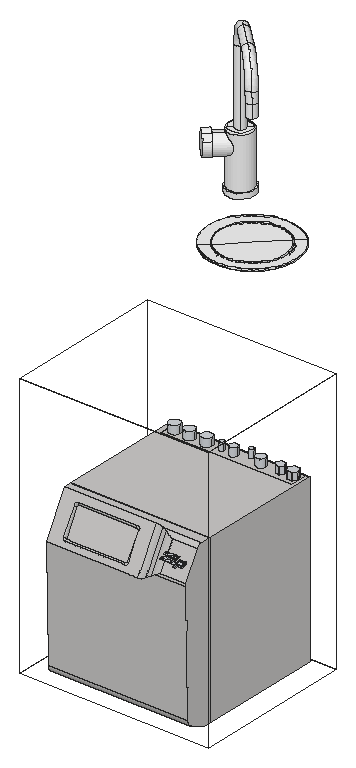
Revit family "PlumFixt_Zip Australia_Design Cube_B", category Plumbing Fixtures, Revit 2015
Parameters (values of type "Bright Chrome")
  Waste Outlet Void = if(Font, -200 mm, 50 mm)  # -200 mm
  Waste Connection = yes
  UnderBench Top Offset [instance] = 800 mm
  UnderBench Left & Right Offset [instance] = 0 mm
  UnderBench Front & Back Offset [instance] = 0 mm
  URL = "https://www.zipwater.com"
  Type Comments = "HydroTap Cube B - Bright Chrome"
  Tap Rotation [instance] = 45.00°
  Tap = z_PlumFixt_Zip Australia_Cube : Bright Chrome
  Required Space = yes
  Offset Right [instance] = if(UnderBench Left & Right Offset > 0 mm, UnderBench Left & Right Offset, 0 mm)  # 0 mm
  Offset Left [instance] = if(UnderBench Left & Right Offset < 0 mm, abs(UnderBench Left & Right Offset), 0 mm)  # 0 mm
  Offset Forward [instance] = if(UnderBench Front & Back Offset > 0 mm, UnderBench Front & Back Offset, 0 mm)  # 0 mm
  Offset Back [instance] = if(UnderBench Front & Back Offset < 0 mm, abs(UnderBench Front & Back Offset), 0 mm)  # 0 mm
  ModifiedIssue_ANZRS = 20171207
  Model = "HT3786 - Bright Chrome"
  Manufacturer_URL__Product Specific = "https://www.zipwater.com/shop/hydrotap/zip-hydrotap-cube-b-ht3786"
  Manufacturer_Spec Code = "HT3786"
  Manufacturer_Overall Width = 280 mm  # constant formula
  Manufacturer_Overall Height = 333 mm  # constant formula
  Manufacturer_Overall Depth = 313 mm  # constant formula
  Manufacturer_Height From FFL [instance] = 900 mm
  Manufacturer = "Zip Australia"  # constant formula
  Font = yes
  Filter Material = z_Zip_Stainless Steel
  Connection Materials = none
  CW Connection = no
  Description = "Zip HydroTap Design Range Boiling, Filtered water appliance featuring a single under bench command centre including full colour interactive touch screen display with pin code protection, boiling water safety mode, 2 energy saving modes including sensor activated sleep when its dark and 0.2 micron water filtration."  # constant formula
  CreatedBy_ANZRS = "UNIFI Labs"  # constant formula
  CreatedByURL_ANZRS = "http://www.unifilabs.com/"
Reference planes
  plane 1 "Ref. Level": z = 0
  plane 2 "Center (Left/Right)": x = 1
  plane 3 "UnderBench Bottom": z = 100
  plane 4 "UnderBench Top": z = 433
  plane 5 "Placement Back Plane": y = 115.5
  plane 6 "Bottom": z = 900
  plane 7 "Top": z = 1253
  plane 8 "Forward Offset": y = 115.5
  plane 9 "Center (Front/Back)": y = -41
  plane 10 "Front": y = -197.5
  plane 11 "Left": x = -139
  plane 12 "Placement Plane Centre Left/Right": x = 1
  plane 13 "Right": x = 141
  plane 14 "Back": y = 115.5
  plane 15 "Centre Plane": x = 1
Forms (mm)
  Extrusion 1, void
    sketch origin (1, 115.5, 900) x (0.707107, -0.707107, 0) y (0.707107, 0.707107, 0)
      loop
        circle (172, 0) r 68.2
    from -200 <- "Waste Outlet Void" to 100
  Extrusion 2, void
    sketch origin (1, 115.5, 900) x (0.707107, -0.707107, 0) y (0.707107, 0.707107, 0)
      loop
        circle (0, 0) r 24
    from -200 to 100
Lines and regions (mm)
  reference lines
    curve 1: line (1, 115.5, 900) -> (244.952, -128.452, 900)
Text (mm)
  text "Disclaimer:\n\nDue to ongoing product development and manufacturing evolution, product details are subject to change without notice.\n\nPlease refer to product technical data sheets on https://www.zipwater.com/ for the most current product information. Please allow a +/- 5mm tolerance for dimensions and set-outs shown in product literature.\n\n© 2018 Zip Water Australia" at (274.835, 107.3, 0), in view "Ref. Level_Instruction"
Dimensions and locks
  "Manufacturer_Height From FFL": plane 6 "Bottom" to plane 1 "Ref. Level"
  plane 7 "Top" to plane 6 "Bottom" = 353 mm
  "UnderBench Top Offset": plane 6 "Bottom" to plane 3 "UnderBench Bottom"
  "Manufacturer_Overall Height": plane 4 "UnderBench Top" to plane 3 "UnderBench Bottom"
  "Manufacturer_Overall Width": plane 11 "Left" to plane 13 "Right"
  equal spacing: plane 14 "Back", plane 9 "Center (Front/Back)", plane 10 "Front"
  "Manufacturer_Overall Depth": plane 14 "Back" to plane 10 "Front"
  "Offset Back": plane 14 "Back" to plane 8 "Forward Offset"
  "Offset Forward": plane 5 "Placement Back Plane" to plane 8 "Forward Offset"
  "Offset Right": plane 2 "Center (Left/Right)" to plane 12 "Placement Plane Centre Left/Right"
  "Offset Left": plane 15 "Centre Plane" to plane 12 "Placement Plane Centre Left/Right"
  equal spacing: plane 11 "Left", plane 15 "Centre Plane", plane 13 "Right"
  "Tap Rotation": angle plane 2 "Center (Left/Right)" to curve 1
  aligned and locked: plane 5 "Placement Back Plane" to curve 1
  aligned and locked: plane 2 "Center (Left/Right)" to curve 1
  aligned and locked: nested 2 to curve 1
  aligned and locked: plane 9 "Center (Front/Back)" to nested 1
  aligned and locked: plane 15 "Centre Plane" to nested 1
  aligned and locked: plane 4 "UnderBench Top" to nested 1
Automatic sketch dimensions
  curve 1 to Extrusion 1 sketch curve = 0 mm
  Extrusion 2 sketch curve to curve 1 = 0 mm  (x2)
  curve 1 to Extrusion 1 sketch curve = 172 mm
  radius of Extrusion 1 sketch curve = 68.2 mm
  radius of Extrusion 2 sketch curve = 24 mm
Nested families
  nested 1: "z_PlumFixt_Zip_Classic-Design_B" at (0, 0, 100), type "280w x 313d x 333h"
  nested 2: "z_PlumFixt_Zip Australia_Cube" at (50.144, 40.9, 900) x (0.7071, 0.7071, 0) z (0, 0, 1), type <- "Tap", Font <- "Font", type "Bright Chrome"
    with Waste Outlet Void -50 mm, Font yes
  nested 3: "z_PlumFixt_Zip Australia_Font" at (132.522, -17.436, 900) x (0.7071, 0.7071, 0) z (0, 0, 1), type "Bright Chrome"
Connectors
  piping at (-116.338, 96.505, 448), diameter 12.7, driven by "CW Connection"
    settings: on nested 1, index 1, connector inside diameter 609.6 mm, connector length 0 mm, flow factor 0, pipe flow 0.0 L/s, pressure drop 0.0 Pa, fitting loss kfactor 0, connector angle 0.00°, fixture units 0, engagement length 0 mm, angle of deflection 0.00°, flow configuration 2, flow direction 1, fitting loss method 4, system type 20, joint type 0, gender type 0, connector reference index -1, connector utility 0, adjustable connector no, is connector primary yes, connector description "Cold Water Supply"
  electrical at (122.962, 96.16, 448)
    settings: on nested 1, index 2, voltage 240 V, apparent load 0 VA, apparent load phase1 0 VA, apparent load phase2 0 VA, apparent load phase3 0 VA, power factor 1, load classification "Other", number of poles 1, system type 30, power factor state 1, is connector primary yes, connector utility no, sub classification motor no, connector description "Electrical Connection"
Definition of nested family "z_PlumFixt_Zip_Classic-Design_B"
  Parameters (values of type "280w x 313d x 333h")
    URL = "https://www.zipwater.com/"
    Type Comments = ""
    Required Space = yes
    ModifiedIssue_ANZRS = 20171214
    Model = "280w x 313d x 333h-B residential"
    Manufacturer_URL__Product Specific = "https://www.zipwater.com/products/hydrotap-range"
    Manufacturer_Spec Code = "B residential"
    Manufacturer_Overall Width = 280 mm  # constant formula
    Manufacturer_Overall Height = 333 mm  # constant formula
    Manufacturer_Overall Depth = 313 mm  # constant formula
    Manufacturer = "Zip Australia"  # constant formula
    Filter Material = none
    Default Elevation = 0 mm
    Connection Materials = none
    Description = ""
    CreatedBy_ANZRS = "UNIFI Labs"  # constant formula
    CreatedByURL_ANZRS = "http://www.unifilabs.com/"
  Reference planes
    plane 1 "Ref. Level": z = 0
    plane 2 "Center (Left/Right)": x = 1
    plane 3 "Right": x = 141
    plane 4 "Left": x = -139
    plane 5 "Bottom": z = 0
    plane 6 "Top": z = 333
    plane 7 "Back": y = 115.5
    plane 8 "Center (Front/Back)": y = -41
    plane 9 "Front": y = -197.5
    plane 10 "Filter Front Offset": y = -135.5
  Forms (mm)
    Extrusion 1, solid, material <- "Filter Material", detail levels fine
      sketch origin (0, -41, 0) x (-1, 0, 0) y (0, 0, 1)
        loop
          line (139, 0) -> (139, 333) -> (-141, 333) -> (-141, 0) -> (139, 0)
      from -94.5 to 156.5
    Extrusion 2, solid, material <- "Filter Material", detail levels fine
      sketch origin (0, -41, 0) x (-1, 0, 0) y (0, 0, 1)
        loop
          line (139, 333) -> (-141, 333) -> (-141, 0) -> (139, 0) -> (139, 333)
      from 155.7 to 156.5
    Extrusion 3, solid, material <- "Connection Materials", detail levels medium+fine
      sketch origin (-139, -41, 333) x (1, 0, 0) y (0, 1, 0)
        loop
          line (266.366, 146.687) -> (257.558, 146.687)
          arc (257.558, 146.687) -> (256.608, 146.433) -> (255.913, 145.737) r 1.9
          line (255.913, 145.737) -> (251.509, 138.11)
          arc (251.509, 138.11) -> (251.254, 137.16) -> (251.509, 136.21) r 1.9
          line (251.509, 136.21) -> (255.913, 128.582)
          arc (255.913, 128.582) -> (256.608, 127.887) -> (257.558, 127.632) r 1.9
          line (257.558, 127.632) -> (266.358, 127.632)
          arc (266.358, 127.632) -> (267.315, 127.888) -> (268.015, 128.589) r 1.913
          line (268.015, 128.589) -> (272.415, 136.21)
          arc (272.415, 136.21) -> (272.67, 137.16) -> (272.415, 138.11) r 1.9
          line (272.415, 138.11) -> (268.011, 145.737)
          arc (268.011, 145.737) -> (267.316, 146.433) -> (266.366, 146.687) r 1.9
        loop
          line (231.375, 131.034) -> (238.464, 131.034)
          arc (238.464, 131.034) -> (239.235, 131.241) -> (239.799, 131.805) r 1.541
          line (239.799, 131.805) -> (243.343, 137.944)
          arc (243.343, 137.944) -> (243.548, 138.709) -> (243.343, 139.474) r 1.53
          line (243.343, 139.474) -> (239.796, 145.619)
          arc (239.796, 145.619) -> (239.235, 146.179) -> (238.47, 146.384) r 1.53
          line (238.47, 146.384) -> (231.375, 146.384)
          arc (231.375, 146.384) -> (230.61, 146.179) -> (230.05, 145.619) r 1.53
          line (230.05, 145.619) -> (226.503, 139.474)
          arc (226.503, 139.474) -> (226.298, 138.709) -> (226.503, 137.944) r 1.53
          line (226.503, 137.944) -> (230.05, 131.8)
          arc (230.05, 131.8) -> (230.61, 131.24) -> (231.375, 131.034) r 1.53
        loop
          circle (196.213, 137.899) r 9.26
        loop
          circle (141.213, 137.899) r 8.125
        loop
          circle (117.179, 137.899) r 4.765
        loop
          circle (168.679, 148.652) r 4.765
        loop
          circle (87.722, 137.421) r 10.625
        loop
          circle (52.722, 137.421) r 10.625
        loop
          circle (22.662, 137.505) r 10.625
      from 0 to 15
    Extrusion 4, solid, visible <- "Required Space"
      sketch origin (0, 0, 333) x (0, 1, 0) y (-1, 0, 0)
        loop
          line (-202.08, 189) -> (-202.08, -191) -> (120.5, -191) -> (120.5, 189) -> (-202.08, 189)
      from -333 to 200
    Extrusion 5, void
      sketch origin (-139, -41, 333) x (1, 0, 0) y (0, 1, 0)
        loop
          line (274.247, 156.5) -> (9.078, 156.5) -> (9.078, 119.034) -> (274.247, 119.034) -> (274.247, 156.5)
      from -0.476 to 5
    Extrusion 6, solid, detail levels coarse
      sketch origin (0, 0, 0) x (-1, 0, 0) y (0, -1, 0)
        loop
          line (139, -115.5) -> (139, 197.5) -> (-141, 197.5) -> (-141, -115.5) -> (139, -115.5)
      from 0 to 333
    Extrusion 7, solid, material <- "Filter Material", detail levels medium
      sketch origin (1, 0, 0) x (0, 1, 0) y (0, 0, 1)
        loop
          line (115.5, 333) -> (-156.835, 333)
          arc (-156.835, 333) -> (-162.791, 331.404) -> (-167.151, 327.044) r 11.912
          line (-167.151, 327.044) -> (-196.267, 276.614)
          arc (-196.267, 276.614) -> (-197.297, 274.084) -> (-197.604, 271.37) r 10
          line (-197.604, 271.37) -> (-191.665, 27.549)
          arc (-191.665, 27.549) -> (-189.149, 19.592) -> (-182.77, 14.211) r 15
          line (-182.77, 14.211) -> (-153.171, 1.033)
          arc (-153.171, 1.033) -> (-150.796, 0.261) -> (-148.312, 0) r 11.946
          line (-148.312, 0) -> (115.5, 0) -> (115.5, 333)
      from -140 to 140
  Cuts and joins
    Extrusion 5 cuts Extrusion 1
    joined: Extrusion 1, Extrusion 2
  Lines and regions (mm)
    symbolic lines
      curve 1: line (-189, 120.5, 0) -> (191, 120.5, 0)
      curve 2: line (-189, -202.08, 0) -> (-189, 120.5, 0)
      curve 3: line (191, -202.08, 0) -> (-189, -202.08, 0)
      curve 4: line (191, 120.5, 0) -> (191, -202.08, 0)
      curve 5: line (-189, -197.5, 533) -> (191, -197.5, 533)
      curve 6: line (-189, -197.5, 0) -> (-189, -197.5, 533)
      curve 7: line (191, -197.5, 0) -> (-189, -197.5, 0)
      curve 8: line (191, -197.5, 533) -> (191, -197.5, 0)
      curve 9: line (-139, 120.5, 533) -> (-139, -202.08, 533)
      curve 10: line (-139, 120.5, 0) -> (-139, 120.5, 533)
      curve 11: line (-139, -202.08, 0) -> (-139, 120.5, 0)
      curve 12: line (-139, -202.08, 533) -> (-139, -202.08, 0)
  Dimensions and locks
    plane 5 "Bottom" to plane 1 "Ref. Level" = 0 mm
    equal spacing: plane 4 "Left", plane 2 "Center (Left/Right)", plane 3 "Right"
    "Manufacturer_Overall Width": plane 4 "Left" to plane 3 "Right"
    equal spacing: plane 7 "Back", plane 8 "Center (Front/Back)", plane 9 "Front"
    "Manufacturer_Overall Depth": plane 7 "Back" to plane 9 "Front"
    "Manufacturer_Overall Height": plane 5 "Bottom" to plane 6 "Top"
    locked: plane 10 "Filter Front Offset" to plane 9 "Front" at 62
    aligned and locked: plane 6 "Top" to Extrusion 1 sketch curve
    aligned and locked: plane 5 "Bottom" to Extrusion 1 sketch curve
    aligned and locked: plane 3 "Right" to Extrusion 1 sketch curve
    aligned and locked: Extrusion 1 sketch curve to plane 4 "Left"
    aligned and locked: plane 7 "Back" to Extrusion 1
    aligned and locked: plane 6 "Top" to Extrusion 2 sketch curve
    aligned and locked: plane 5 "Bottom" to Extrusion 2 sketch curve
    aligned and locked: plane 3 "Right" to Extrusion 2 sketch curve
    aligned and locked: plane 4 "Left" to Extrusion 2 sketch curve
    aligned and locked: plane 6 "Top" to cut or joined group of Extrusion 1, Extrusion 2, Extrusion 5  (x2)
    aligned and locked: plane 7 "Back" to cut or joined group of Extrusion 1, Extrusion 2, Extrusion 5
    aligned and locked: Extrusion 4 to plane 5 "Bottom"
    aligned and locked: plane 2 "Center (Left/Right)" to nested 1
    aligned and locked: plane 6 "Top" to nested 1
    aligned and locked: cut or joined group of Extrusion 1, Extrusion 2, Extrusion 5 to plane 10 "Filter Front Offset"
    aligned and locked: nested 1 to plane 9 "Front"
    aligned and locked: Extrusion 6 sketch curve to cut or joined group of Extrusion 1, Extrusion 2, Extrusion 5  (x2)
    aligned and locked: Extrusion 6 sketch curve to nested 1
    aligned and locked: plane 9 "Front" to Extrusion 6 sketch curve
    aligned and locked: plane 6 "Top" to Extrusion 6
    aligned and locked: plane 4 "Left" to Extrusion 7
    aligned and locked: Extrusion 7 to plane 3 "Right"
    aligned and locked: curve 1 to Extrusion 4
    aligned and locked: curve 2 to Extrusion 4
    aligned and locked: curve 3 to Extrusion 4
    aligned and locked: curve 4 to Extrusion 4
    aligned and locked: curve 5 to Extrusion 4
    aligned and locked: curve 6 to Extrusion 4
    aligned and locked: curve 7 to Extrusion 4
    aligned and locked: curve 8 to Extrusion 4
    aligned and locked: curve 9 to Extrusion 4
    aligned and locked: curve 10 to Extrusion 4
    aligned and locked: curve 11 to Extrusion 4
    aligned and locked: curve 12 to Extrusion 4
  Automatic sketch dimensions
    Extrusion 5 sketch curve to Extrusion 1 = 0 mm
    Extrusion 4 sketch curve to plane 9 "Front" = 4.58 mm
    plane 7 "Back" to Extrusion 4 sketch curve = 5 mm
    Extrusion 4 sketch curve to plane 3 "Right" = 50 mm
    plane 4 "Left" to Extrusion 4 sketch curve = 50 mm
    Extrusion 5 sketch curve to Extrusion 1 = 5.753 mm
    Extrusion 5 sketch curve to Extrusion 1 = 9.078 mm
    Extrusion 1 to Extrusion 5 sketch curve = 37.466 mm
    Extrusion 3 sketch curve to Extrusion 1 = 22.662 mm
    Extrusion 3 sketch curve to Extrusion 3 sketch curve = 30.061 mm
    Extrusion 3 sketch curve to Extrusion 3 sketch curve = 35 mm
    Extrusion 3 sketch curve to Extrusion 3 sketch curve = 29.457 mm
    Extrusion 3 sketch curve to Extrusion 3 sketch curve = 24.034 mm
    Extrusion 1 to Extrusion 3 sketch curve = 7.848 mm
    Extrusion 3 sketch curve to Extrusion 3 sketch curve = 27.466 mm
    Extrusion 3 sketch curve to Extrusion 3 sketch curve = 27.534 mm
    Extrusion 1 to Extrusion 3 sketch curve = 17.026 mm  (x2)
    Extrusion 3 sketch curve to Extrusion 3 sketch curve = 30.29 mm
    Extrusion 1 to Extrusion 3 sketch curve = 18.556 mm  (x2)
    Extrusion 3 sketch curve to Extrusion 3 sketch curve = 0 mm  (x2)
    Extrusion 3 sketch curve to Extrusion 3 sketch curve = 1.325 mm  (x6)
    Extrusion 1 to Extrusion 3 sketch curve = 10.881 mm  (x2)
    Extrusion 3 sketch curve to Extrusion 3 sketch curve = 3.547 mm  (x2)
    Extrusion 1 to Extrusion 3 sketch curve = 24.7 mm
    Extrusion 3 sketch curve to Extrusion 3 sketch curve = 7.089 mm
    Extrusion 3 sketch curve to Extrusion 3 sketch curve = 7.095 mm
    Extrusion 1 to Extrusion 3 sketch curve = 24.695 mm
    Extrusion 3 sketch curve to Extrusion 3 sketch curve = 1.335 mm
    Extrusion 3 sketch curve to Extrusion 3 sketch curve = 3.553 mm
    Extrusion 1 to Extrusion 3 sketch curve = 18.39 mm
    Extrusion 3 sketch curve to Extrusion 3 sketch curve = 8.166 mm
    Extrusion 3 sketch curve to Extrusion 3 sketch curve = 1.645 mm  (x6)
    Extrusion 1 to Extrusion 3 sketch curve = 10.763 mm
    Extrusion 3 sketch curve to Extrusion 3 sketch curve = 4.404 mm  (x2)
    Extrusion 3 sketch curve to Extrusion 3 sketch curve = 8.8 mm
    Extrusion 3 sketch curve to Extrusion 3 sketch curve = 8.808 mm
    Extrusion 3 sketch curve to Extrusion 3 sketch curve = 1.657 mm
    Extrusion 3 sketch curve to Extrusion 3 sketch curve = 4.411 mm
    Extrusion 3 sketch curve to Extrusion 3 sketch curve = 0.765 mm  (x2)
    Extrusion 3 sketch curve to Extrusion 3 sketch curve = 8.565 mm
    Extrusion 3 sketch curve to Extrusion 3 sketch curve = 0.013 mm
    Extrusion 3 sketch curve to Extrusion 3 sketch curve = 0.957 mm
    Extrusion 3 sketch curve to Extrusion 3 sketch curve = 7.621 mm
    Extrusion 3 sketch curve to Extrusion 3 sketch curve = 1.9 mm
    Extrusion 3 sketch curve to Extrusion 3 sketch curve = 0.95 mm  (x2)
    Extrusion 1 to Extrusion 3 sketch curve = 19.079 mm  (x2)
    Extrusion 1 to Extrusion 3 sketch curve = 18.995 mm
    Extrusion 1 to Extrusion 3 sketch curve = 18.601 mm  (x3)
    Extrusion 3 sketch curve to Extrusion 3 sketch curve = 7.628 mm
    Extrusion 7 sketch curve to plane 5 "Bottom" = 0 mm
    Extrusion 7 sketch curve to plane 7 "Back" = 0 mm
    plane 5 "Bottom" to Extrusion 7 sketch curve = 1.033 mm
    Extrusion 7 sketch curve to plane 10 "Filter Front Offset" = 17.671 mm
    Extrusion 7 sketch curve to Extrusion 7 sketch curve = 4.859 mm
    plane 9 "Front" to Extrusion 7 sketch curve = 14.73 mm
    plane 5 "Bottom" to Extrusion 7 sketch curve = 14.211 mm
    Extrusion 7 sketch curve to Extrusion 7 sketch curve = 6.101 mm
    Extrusion 7 sketch curve to Extrusion 7 sketch curve = 13.703 mm
    plane 9 "Front" to Extrusion 7 sketch curve = 5.835 mm
    Extrusion 7 sketch curve to plane 9 "Front" = 0.104 mm
    Extrusion 7 sketch curve to plane 6 "Top" = 61.63 mm
    plane 9 "Front" to Extrusion 7 sketch curve = 9.893 mm
    Extrusion 7 sketch curve to Extrusion 7 sketch curve = 0.243 mm
    plane 9 "Front" to Extrusion 7 sketch curve = 1.233 mm
    Extrusion 7 sketch curve to plane 6 "Top" = 5.956 mm
    plane 9 "Front" to Extrusion 7 sketch curve = 30.349 mm
    Extrusion 7 sketch curve to Extrusion 7 sketch curve = 10.316 mm
    Extrusion 7 sketch curve to plane 6 "Top" = 0 mm
    radius of Extrusion 3 sketch curve = 9.26 mm
    radius of Extrusion 3 sketch curve = 8.125 mm
    radius of Extrusion 3 sketch curve = 4.765 mm  (x2)
    radius of Extrusion 3 sketch curve = 10.625 mm  (x3)
  Nested families
    nested 1: "Equipment" at (-21.5, -46.401, 0), Overall Width <- "Manufacturer_Overall Width", Overall Height <- "Manufacturer_Overall Height", type "Equipment", detail levels fine
      with Overall Width 280 mm, Overall Height 333 mm
  Definition of nested family "Equipment"
    Parameters (values of type "Equipment")
      URL = ""
      Overall Width [instance] = 280 mm
      Overall Height [instance] = 333 mm
      Model = ""
      Manufacturer = ""
      Equipment Material = none
      Description = ""
      Assembly Code = ""
    Reference planes
      plane 1 "Bottom": z = 0
      plane 2 "Center (Left/Right)": x = 22.5
      plane 3 "Right": x = 162.5
      plane 4 "Left": x = -117.5
      plane 5 "Top": z = 333
      plane 6 "Front": y = -151.099
      plane 7 "Back": y = -89.099
    Forms (mm)
      Extrusion 1, solid, material <- "Equipment Material"
        sketch origin (0, 112.5, 0) x (0, 1, 0) y (0, 0, 1)
          loop
            line (-201.599, 333) -> (-222.934, 333)
            arc (-222.934, 333) -> (-228.89, 331.404) -> (-233.25, 327.044) r 11.912
            line (-233.25, 327.044) -> (-262.366, 276.614)
            arc (-262.366, 276.614) -> (-263.396, 274.084) -> (-263.703, 271.37) r 10
            line (-263.703, 271.37) -> (-257.764, 27.549)
            arc (-257.764, 27.549) -> (-255.248, 19.592) -> (-248.869, 14.211) r 15
            line (-248.869, 14.211) -> (-219.27, 1.033)
            arc (-219.27, 1.033) -> (-216.895, 0.261) -> (-214.411, 0) r 11.946
            line (-214.411, 0) -> (-201.599, 0) -> (-201.599, 333)
        from -117.5 to 162.5
      Extrusion 2, void
        sketch origin (0, 180.798, 118.295) x (0, 0.866025, -0.5) y (-1, 0, 0)
          loop
            line (-355.13, 132.5) -> (-390.522, 132.5) -> (-390.522, -72.88) -> (-365.522, -72.88) -> (-365.522, -111.871)
            arc (-365.522, -111.871) -> (-364.763, -103.188) -> (-362.507, -94.77) r 50
            line (-362.507, -94.77) -> (-357.745, -81.687)
            arc (-357.745, -81.687) -> (-355.789, -74.386) -> (-355.13, -66.855) r 43.365
            line (-355.13, -66.855) -> (-355.13, 132.5)
        from -83.889 to 70.854
      Sweep 3, void
        path origin (-116.998, -126.754, 295.861) x (1, 0, 0) y (0, 0.5, 0.866025)
          loop
            arc (33.734, 27.639) -> (29.492, 25.881) -> (27.734, 21.639) r 6
            line (27.734, 21.639) -> (27.734, -30.563)
            arc (27.734, -30.563) -> (29.492, -34.805) -> (33.734, -36.563) r 6
            line (33.734, -36.563) -> (151.966, -36.563)
            arc (151.966, -36.563) -> (156.208, -34.805) -> (157.966, -30.563) r 6
            line (157.966, -30.563) -> (157.966, 21.639)
            arc (157.966, 21.639) -> (156.208, 25.881) -> (151.966, 27.639) r 6
            line (151.966, 27.639) -> (33.734, 27.639)
        profile origin (-24.148, -112.935, 319.796) x (0, 0.5, 0.866025) y (0, -0.866025, 0.5)
          loop
            line (0, 0) -> (-3.996, 0) -> (-3.996, -3.143) -> (-3.143, -3.143)
            arc (-3.143, -3.143) -> (-2.223, -0.921) -> (0, 0) r 3.143
      Extrusion 4, void
        sketch origin (-128.52, -126.754, 295.861) x (1, 0, 0) y (0, 0.5, 0.866025)
          loop
            line (43.252, 21.639) -> (43.252, -30.563)
            arc (43.252, -30.563) -> (43.839, -31.98) -> (45.256, -32.567) r 2.004
            line (45.256, -32.567) -> (163.487, -32.567)
            arc (163.487, -32.567) -> (164.904, -31.98) -> (165.491, -30.563) r 2.004
            line (165.491, -30.563) -> (165.491, 21.639)
            arc (165.491, 21.639) -> (164.904, 23.056) -> (163.487, 23.643) r 2.004
            line (163.487, 23.643) -> (45.256, 23.643)
            arc (45.256, 23.643) -> (43.839, 23.056) -> (43.252, 21.639) r 2.004
        from -3.143 to 0
      Extrusion 5, solid
        sketch origin (-197.405, -43.245, 461.287) x (0, -0.5, -0.866025) y (1, 0, 0)
          loop
            line (177.191, 305.834) -> (182.261, 303.157) -> (182.261, 310.561) -> (186.994, 300.759) -> (192.361, 297.905) -> (192.361, 318.632) -> (187.163, 321.281) -> (187.163, 312.107) -> (182.566, 321.532) -> (177.191, 324.39) -> (177.191, 305.834)
          loop
            line (178.987, 306.95) -> (180.424, 306.191) -> (180.424, 318.591) -> (188.404, 302.063) -> (190.507, 300.945) -> (190.507, 317.572) -> (188.992, 318.344) -> (188.992, 304.086) -> (181.221, 320.181) -> (178.987, 321.369) -> (178.987, 306.95)
          loop
            line (181.346, 324.627) -> (181.346, 330.26) -> (177.191, 332.469) -> (177.191, 326.836) -> (181.346, 324.627)
          loop
            line (178.795, 327.832) -> (179.812, 327.291) -> (179.812, 329.329) -> (178.795, 329.869) -> (178.795, 327.832)
          loop
            line (181.56, 324.595) -> (188.534, 321.042)
            arc (188.534, 321.042) -> (191.105, 321.143) -> (192.361, 323.387) r 2.632
            line (192.361, 323.387) -> (192.361, 328.141) -> (196.756, 325.805) -> (196.756, 331.592) -> (192.361, 333.928) -> (192.361, 341.484)
            arc (192.361, 341.484) -> (191.692, 343.898) -> (189.876, 345.621) r 4.686
            line (189.876, 345.621) -> (185.69, 347.847)
            arc (185.69, 347.847) -> (182.923, 347.775) -> (181.56, 345.366) r 2.81
            line (181.56, 345.366) -> (181.56, 333.819) -> (187.152, 330.845) -> (187.152, 327.364) -> (181.56, 330.303) -> (181.56, 324.595)
          loop
            line (184.689, 335.875) -> (189.05, 333.556) -> (189.05, 341.038)
            arc (189.05, 341.038) -> (188.759, 342.084) -> (187.972, 342.831) r 2.031
            line (187.972, 342.831) -> (186.101, 343.826)
            arc (186.101, 343.826) -> (185.155, 343.801) -> (184.689, 342.977) r 0.961
            line (184.689, 342.977) -> (184.689, 335.875)
          loop
            line (183.345, 325.722) -> (189.316, 322.584)
            arc (189.316, 322.584) -> (190.15, 322.609) -> (190.559, 323.335) r 0.848
            line (190.559, 323.335) -> (190.559, 331.219) -> (194.987, 328.865) -> (194.987, 330.399) -> (190.559, 332.753) -> (190.559, 341.486)
            arc (190.559, 341.486) -> (190.162, 342.921) -> (189.082, 343.945) r 2.785
            line (189.082, 343.945) -> (184.737, 346.255)
            arc (184.737, 346.255) -> (183.722, 346.228) -> (183.222, 345.344) r 1.032
            line (183.222, 345.344) -> (183.222, 334.979) -> (189.05, 331.88) -> (189.05, 325.843)
            arc (189.05, 325.843) -> (188.607, 325.059) -> (187.707, 325.032) r 0.916
            line (187.707, 325.032) -> (183.345, 327.325) -> (183.345, 325.722)
        from -0.6 to 0.246
    Cuts and joins
      Extrusion 2, Sweep 3, Extrusion 4 cuts Extrusion 1
    Lines and regions (mm)
      model lines, detail levels fine
        curve 1: line (-117.5, -89.099, 243.972) -> (-117.5, -150.536, 243.972)
        curve 2: line (-117.5, -150.499, 242.472) -> (-117.5, -89.099, 242.472)
        curve 3: line (162.5, -151.06, 265.495) -> (162.5, -89.099, 265.495)
        curve 4: line (162.5, -89.099, 263.993) -> (162.5, -151.023, 263.993)
        curve 5: line (-117.5, -150.499, 242.487) -> (62.46, -150.499, 242.487)
        curve 6: spline (62.46, -150.499, 242.487) -> (63.975, -150.5, 242.517) -> (65.488, -150.502, 242.606) -> (66.997, -150.506, 242.756) -> (68.498, -150.511, 242.965) -> (69.99, -150.517, 243.233) -> (71.47, -150.525, 243.56) -> (72.936, -150.535, 243.945) -> (74.385, -150.546, 244.388) -> (75.816, -150.558, 244.888) -> (77.226, -150.571, 245.444) -> (78.613, -150.586, 246.055) -> (79.975, -150.602, 246.721)
        curve 7: spline (79.975, -150.602, 246.721) -> (80.183, -150.605, 246.819) -> (80.406, -150.606, 246.879) -> (80.636, -150.607, 246.899) -> (80.865, -150.606, 246.88) -> (81.088, -150.605, 246.82) -> (81.297, -150.602, 246.723) -> (81.486, -150.599, 246.591) -> (81.649, -150.595, 246.428) -> (81.782, -150.591, 246.24) -> (81.879, -150.586, 246.031) -> (81.939, -150.58, 245.808) -> (81.959, -150.575, 245.579)
        curve 8: line (81.959, -150.575, 245.579) -> (81.959, -150.005, 222.21)
        curve 9: spline (81.959, -150.005, 222.21) -> (81.893, -149.953, 220.058) -> (81.674, -149.901, 217.917) -> (81.303, -149.849, 215.796) -> (80.783, -149.798, 213.707) -> (80.114, -149.748, 211.661) -> (79.302, -149.7, 209.667) -> (78.35, -149.653, 207.736) -> (77.263, -149.608, 205.877) -> (76.047, -149.564, 204.101) -> (74.707, -149.523, 202.415) -> (73.25, -149.485, 200.829) -> (71.685, -149.449, 199.351)
        curve 10: spline (71.685, -149.449, 199.351) -> (70.52, -149.422, 198.251) -> (69.436, -149.393, 197.072) -> (68.438, -149.363, 195.82) -> (67.532, -149.33, 194.5) -> (66.721, -149.297, 193.119) -> (66.01, -149.262, 191.685) -> (65.402, -149.226, 190.203) -> (64.9, -149.189, 188.683) -> (64.507, -149.151, 187.131) -> (64.225, -149.113, 185.555) -> (64.055, -149.074, 183.963) -> (63.999, -149.035, 182.363)
        curve 11: line (63.999, -149.035, 182.363) -> (63.999, -148.47, 159.188)
        curve 12: spline (63.999, -148.47, 159.188) -> (64.056, -148.431, 157.586) -> (64.228, -148.393, 155.993) -> (64.514, -148.354, 154.416) -> (64.911, -148.316, 152.864) -> (65.419, -148.279, 151.343) -> (66.035, -148.243, 149.864) -> (66.755, -148.208, 148.432) -> (67.575, -148.175, 147.055) -> (68.492, -148.143, 145.74) -> (69.501, -148.112, 144.494) -> (70.596, -148.084, 143.324) -> (71.773, -148.057, 142.235)
        curve 13: spline (71.773, -148.057, 142.235) -> (73.355, -148.022, 140.766) -> (74.825, -147.983, 139.184) -> (76.174, -147.942, 137.498) -> (77.394, -147.899, 135.718) -> (78.479, -147.853, 133.851) -> (79.424, -147.806, 131.91) -> (80.222, -147.757, 129.904) -> (80.869, -147.707, 127.845) -> (81.363, -147.656, 125.744) -> (81.699, -147.604, 123.612) -> (81.877, -147.551, 121.461) -> (81.896, -147.499, 119.302)
        curve 14: line (81.896, -147.499, 119.302) -> (81.896, -145.258, 27.303)
        curve 15: line (82.708, -145.258, 27.303) -> (82.708, -147.523, 120.306)
        curve 16: spline (82.708, -147.523, 120.306) -> (82.666, -147.555, 121.599) -> (82.567, -147.586, 122.89) -> (82.411, -147.617, 124.174) -> (82.2, -147.649, 125.451) -> (81.934, -147.679, 126.718) -> (81.613, -147.71, 127.972) -> (81.237, -147.74, 129.21) -> (80.808, -147.77, 130.431) -> (80.326, -147.799, 131.632) -> (79.792, -147.828, 132.811) -> (79.208, -147.856, 133.966) -> (78.573, -147.883, 135.094)
        curve 17: spline (78.573, -147.883, 135.094) -> (77.682, -147.922, 136.681) -> (76.863, -147.962, 138.306) -> (76.116, -148.002, 139.965) -> (75.444, -148.043, 141.656) -> (74.848, -148.085, 143.375) -> (74.329, -148.128, 145.119) -> (73.888, -148.171, 146.885) -> (73.526, -148.214, 148.668) -> (73.244, -148.258, 150.465) -> (73.042, -148.302, 152.274) -> (72.92, -148.346, 154.089) -> (72.88, -148.39, 155.908)
        curve 18: line (72.88, -148.39, 155.908) -> (72.88, -149.121, 185.89)
        curve 19: spline (72.88, -149.121, 185.89) -> (72.895, -149.163, 187.632) -> (72.992, -149.206, 189.372) -> (73.17, -149.248, 191.105) -> (73.429, -149.29, 192.828) -> (73.769, -149.331, 194.537) -> (74.189, -149.373, 196.228) -> (74.687, -149.413, 197.897) -> (75.263, -149.453, 199.542) -> (75.916, -149.493, 201.157) -> (76.643, -149.531, 202.741) -> (77.444, -149.569, 204.288) -> (78.316, -149.606, 205.796)
        curve 20: spline (78.316, -149.606, 205.796) -> (78.995, -149.634, 206.968) -> (79.62, -149.663, 208.17) -> (80.189, -149.693, 209.399) -> (80.702, -149.724, 210.653) -> (81.157, -149.755, 211.929) -> (81.553, -149.786, 213.224) -> (81.889, -149.818, 214.536) -> (82.166, -149.851, 215.861) -> (82.381, -149.883, 217.198) -> (82.536, -149.916, 218.544) -> (82.628, -149.949, 219.895) -> (82.659, -149.982, 221.249)
        curve 21: line (82.659, -149.982, 221.249) -> (82.659, -150.589, 246.17)
        curve 22: spline (82.659, -150.589, 246.17) -> (82.668, -150.595, 246.401) -> (82.694, -150.6, 246.63) -> (82.737, -150.606, 246.856) -> (82.798, -150.611, 247.078) -> (82.875, -150.616, 247.295) -> (82.968, -150.621, 247.506) -> (83.077, -150.626, 247.709) -> (83.2, -150.631, 247.904) -> (83.339, -150.636, 248.088) -> (83.49, -150.64, 248.261) -> (83.655, -150.644, 248.423) -> (83.831, -150.647, 248.571)
        curve 23: line (83.831, -150.647, 248.571) -> (100.379, -150.962, 261.493)
        curve 24: spline (100.379, -150.962, 261.493) -> (100.904, -150.972, 261.88) -> (101.45, -150.98, 262.238) -> (102.015, -150.988, 262.565) -> (102.597, -150.995, 262.86) -> (103.195, -151.002, 263.123) -> (103.806, -151.007, 263.352) -> (104.429, -151.012, 263.547) -> (105.061, -151.016, 263.708) -> (105.702, -151.019, 263.833) -> (106.348, -151.021, 263.923) -> (106.999, -151.023, 263.977) -> (107.651, -151.023, 263.995)
        curve 25: line (107.651, -151.023, 263.995) -> (162.5, -151.023, 263.995)
        curve 26: line (162.5, -151.06, 265.496) -> (108.852, -151.06, 265.496)
        curve 27: spline (108.852, -151.06, 265.496) -> (107.924, -151.059, 265.47) -> (106.999, -151.057, 265.393) -> (106.08, -151.054, 265.266) -> (105.169, -151.05, 265.087) -> (104.269, -151.044, 264.859) -> (103.384, -151.037, 264.581) -> (102.515, -151.029, 264.255) -> (101.665, -151.02, 263.882) -> (100.837, -151.01, 263.462) -> (100.034, -150.999, 262.997) -> (99.258, -150.986, 262.488) -> (98.511, -150.973, 261.937)
        curve 28: line (98.511, -150.973, 261.937) -> (86.163, -150.738, 252.296)
        curve 29: spline (86.163, -150.738, 252.296) -> (84.419, -150.707, 251.01) -> (82.606, -150.678, 249.822) -> (80.73, -150.651, 248.736) -> (78.798, -150.628, 247.755) -> (76.814, -150.606, 246.883) -> (74.785, -150.588, 246.121) -> (72.717, -150.572, 245.473) -> (70.616, -150.559, 244.94) -> (68.489, -150.549, 244.523) -> (66.342, -150.542, 244.225) -> (64.182, -150.537, 244.046) -> (62.015, -150.536, 243.986)
        curve 30: line (62.015, -150.536, 243.986) -> (-117.5, -150.536, 243.986)
    Dimensions and locks
      equal spacing: plane 4 "Left", plane 2 "Center (Left/Right)", plane 3 "Right"
      "Overall Width": plane 4 "Left" to plane 3 "Right"
      "Overall Height": plane 5 "Top" to level
      plane 6 "Front" to plane 7 "Back" = 62 mm
      plane 5 "Top" to plane 1 "Bottom" = 333 mm
      aligned and locked: level to plane 1 "Bottom"
      aligned and locked: plane 3 "Right" to cut or joined group of Extrusion 1, Extrusion 2, Sweep 3, Extrusion 4
      aligned and locked: Extrusion 1 to plane 4 "Left"
      aligned and locked: plane 5 "Top" to cut or joined group of Extrusion 1, Extrusion 2, Sweep 3, Extrusion 4
      aligned and locked: Extrusion 1 to plane 7 "Back"
    Automatic sketch dimensions
      Extrusion 1 sketch curve to Extrusion 1 sketch curve = 1.337 mm
      Extrusion 1 sketch curve to Extrusion 1 sketch curve = 9.997 mm
      level to Extrusion 1 sketch curve = 14.211 mm
      Extrusion 1 sketch curve to Extrusion 1 sketch curve = 8.895 mm
      Extrusion 1 sketch curve to Extrusion 1 sketch curve = 6.101 mm
      Extrusion 1 sketch curve to Extrusion 1 sketch curve = 10.316 mm
      level to Extrusion 1 sketch curve = 1.033 mm
      level to Extrusion 1 sketch curve = 0 mm
      Extrusion 1 sketch curve to Extrusion 1 sketch curve = 13.338 mm
      Extrusion 1 sketch curve to Extrusion 1 sketch curve = 243.821 mm
      Extrusion 1 sketch curve to Extrusion 1 sketch curve = 0.243 mm
      Extrusion 1 sketch curve to Extrusion 1 sketch curve = 49.475 mm
      Extrusion 1 sketch curve to Extrusion 1 sketch curve = 5.956 mm
      plane 6 "Front" to Extrusion 1 sketch curve = 0.104 mm
      Extrusion 1 sketch curve to plane 6 "Front" = 5.835 mm
      Extrusion 1 sketch curve to plane 6 "Front" = 30.349 mm
      Extrusion 1 sketch curve to Extrusion 1 sketch curve = 29.599 mm
      Extrusion 1 sketch curve to Extrusion 1 sketch curve = 4.859 mm
      Extrusion 1 sketch curve to Extrusion 1 sketch curve = 21.335 mm
      plane 2 "Center (Left/Right)" to Extrusion 2 sketch curve = 44.355 mm
      Extrusion 2 sketch curve to plane 4 "Left" = 15 mm
      Extrusion 2 sketch curve to Extrusion 2 sketch curve = 7.972 mm
      Extrusion 2 sketch curve to Extrusion 2 sketch curve = 25 mm
      Extrusion 2 sketch curve to plane 3 "Right" = 67.73 mm
      Extrusion 2 sketch curve to Extrusion 2 sketch curve = 3.015 mm
      plane 2 "Center (Left/Right)" to Extrusion 2 sketch curve = 59.187 mm
      Extrusion 2 sketch curve to Extrusion 2 sketch curve = 7.777 mm
      Extrusion 2 sketch curve to Extrusion 2 sketch curve = 50 mm
      Extrusion 2 sketch curve to Extrusion 2 sketch curve = 6.024 mm
      plane 4 "Left" to Sweep 3 sketch curve = 28.236 mm
      Sweep 3 sketch curve to Sweep 3 sketch curve = 6 mm  (x3)
      plane 2 "Center (Left/Right)" to Sweep 3 sketch curve = 12.467 mm  (x2)
      Sweep 3 sketch curve to Sweep 3 sketch curve = 52.201 mm
      Sweep 3 sketch curve to profile plane = 0 mm
      profile plane to Sweep 3 sketch curve = 0 mm
      profile plane to Sweep 3 sketch curve = 3.143 mm
      Sweep 3 sketch curve to Sweep 3 sketch curve = 0.853 mm
      Extrusion 4 sketch curve to Extrusion 2 = 47.232 mm
      Extrusion 4 sketch curve to Extrusion 4 sketch curve = 2.004 mm  (x3)
      Extrusion 4 sketch curve to Extrusion 2 = 31.888 mm  (x2)
      Extrusion 2 to Extrusion 4 sketch curve = 51.323 mm
      Extrusion 2 to Extrusion 4 sketch curve = 49.216 mm
      Extrusion 1 to Extrusion 5 sketch curve = 22.181 mm
      Extrusion 5 sketch curve to Extrusion 5 sketch curve = 0 mm  (x2)
      Extrusion 5 sketch curve to Extrusion 5 sketch curve = 1.604 mm
      Extrusion 5 sketch curve to Extrusion 5 sketch curve = 1.796 mm
      Extrusion 5 sketch curve to Extrusion 5 sketch curve = 1.017 mm
      Extrusion 5 sketch curve to Extrusion 5 sketch curve = 1.438 mm
      Extrusion 5 sketch curve to Extrusion 5 sketch curve = 0.797 mm
      Extrusion 5 sketch curve to Extrusion 5 sketch curve = 1.534 mm
      Extrusion 5 sketch curve to Extrusion 5 sketch curve = 0.214 mm
      Extrusion 5 sketch curve to Extrusion 5 sketch curve = 4.369 mm
      Extrusion 5 sketch curve to Extrusion 5 sketch curve = 1.837 mm
      Extrusion 5 sketch curve to Extrusion 5 sketch curve = 1.346 mm
      Extrusion 5 sketch curve to Extrusion 5 sketch curve = 1.661 mm
      Extrusion 5 sketch curve to Extrusion 5 sketch curve = 1.785 mm
      Extrusion 5 sketch curve to Extrusion 5 sketch curve = 1.032 mm
      Extrusion 5 sketch curve to Extrusion 5 sketch curve = 0.117 mm
      Extrusion 5 sketch curve to Extrusion 5 sketch curve = 1.467 mm
      Extrusion 1 to Extrusion 5 sketch curve = 13.65 mm
      Extrusion 5 sketch curve to Extrusion 5 sketch curve = 0.367 mm
      Extrusion 5 sketch curve to Extrusion 5 sketch curve = 0.961 mm
      Extrusion 1 to Extrusion 5 sketch curve = 12.058 mm
      Extrusion 5 sketch curve to Extrusion 5 sketch curve = 0.952 mm
      Extrusion 1 to Extrusion 5 sketch curve = 16.079 mm
      Extrusion 5 sketch curve to Extrusion 5 sketch curve = 0.451 mm
      Extrusion 5 sketch curve to Extrusion 5 sketch curve = 4.732 mm
      Extrusion 5 sketch curve to Extrusion 5 sketch curve = 1.368 mm
      Extrusion 5 sketch curve to Extrusion 5 sketch curve = 3.807 mm
      Extrusion 5 sketch curve to Extrusion 5 sketch curve = 4.597 mm
      Extrusion 5 sketch curve to Extrusion 5 sketch curve = 0.658 mm
      Extrusion 5 sketch curve to Extrusion 5 sketch curve = 0.554 mm
      Extrusion 5 sketch curve to Extrusion 5 sketch curve = 0.099 mm
      Extrusion 5 sketch curve to Extrusion 5 sketch curve = 0.197 mm
      Extrusion 5 sketch curve to Extrusion 5 sketch curve = 0.426 mm
      Extrusion 5 sketch curve to Extrusion 5 sketch curve = 1.41 mm
      Extrusion 5 sketch curve to Extrusion 5 sketch curve = 1.371 mm
      Extrusion 5 sketch curve to Extrusion 5 sketch curve = 0.588 mm
      Extrusion 5 sketch curve to Extrusion 5 sketch curve = 1.897 mm
      Extrusion 5 sketch curve to Extrusion 5 sketch curve = 0.916 mm
      Extrusion 1 to Extrusion 5 sketch curve = 15.96 mm
      Extrusion 5 sketch curve to Extrusion 5 sketch curve = 1.11 mm
      Extrusion 5 sketch curve to Extrusion 5 sketch curve = 0.782 mm
      Extrusion 5 sketch curve to Extrusion 5 sketch curve = 0.395 mm
      Extrusion 5 sketch curve to Extrusion 5 sketch curve = 0.018 mm
      Extrusion 1 to Extrusion 5 sketch curve = 14.284 mm
      Extrusion 5 sketch curve to Extrusion 5 sketch curve = 0.794 mm
      Extrusion 5 sketch curve to Extrusion 5 sketch curve = 1.515 mm
      Extrusion 5 sketch curve to Extrusion 5 sketch curve = 0.83 mm
      Extrusion 5 sketch curve to Extrusion 5 sketch curve = 1.855 mm
      Extrusion 5 sketch curve to Extrusion 5 sketch curve = 1.802 mm  (x2)
      Extrusion 5 sketch curve to Extrusion 5 sketch curve = 2.625 mm
      Extrusion 5 sketch curve to Extrusion 5 sketch curve = 1.769 mm
      Extrusion 5 sketch curve to Extrusion 5 sketch curve = 0.446 mm
      Extrusion 5 sketch curve to Extrusion 5 sketch curve = 5.163 mm
      Extrusion 5 sketch curve to Extrusion 5 sketch curve = 0.896 mm
      Extrusion 5 sketch curve to Extrusion 5 sketch curve = 7.556 mm
      Extrusion 5 sketch curve to Extrusion 5 sketch curve = 1.16 mm
      Extrusion 5 sketch curve to Extrusion 5 sketch curve = 0.372 mm
      Extrusion 5 sketch curve to Extrusion 5 sketch curve = 0.803 mm
      Extrusion 5 sketch curve to Extrusion 5 sketch curve = 1.35 mm
      Extrusion 5 sketch curve to Extrusion 5 sketch curve = 1.676 mm
      Extrusion 5 sketch curve to Extrusion 5 sketch curve = 2.336 mm
      Extrusion 5 sketch curve to Extrusion 5 sketch curve = 1.535 mm  (x2)
      Extrusion 5 sketch curve to Extrusion 5 sketch curve = 1.035 mm
      Extrusion 5 sketch curve to Extrusion 5 sketch curve = 1.192 mm
      Extrusion 5 sketch curve to Extrusion 5 sketch curve = 3.516 mm
      Extrusion 5 sketch curve to Extrusion 5 sketch curve = 0.043 mm
      Extrusion 5 sketch curve to Extrusion 5 sketch curve = 0.391 mm
      Extrusion 5 sketch curve to Extrusion 5 sketch curve = 0.541 mm  (x2)
      Extrusion 5 sketch curve to Extrusion 5 sketch curve = 0.724 mm
      Extrusion 5 sketch curve to Extrusion 5 sketch curve = 1.497 mm
      Extrusion 5 sketch curve to Extrusion 5 sketch curve = 3.482 mm
      Extrusion 5 sketch curve to Extrusion 5 sketch curve = 2.978 mm
      Extrusion 5 sketch curve to Extrusion 5 sketch curve = 0.995 mm
      Extrusion 5 sketch curve to Extrusion 5 sketch curve = 1.52 mm
      Extrusion 5 sketch curve to Extrusion 5 sketch curve = 3.06 mm
      Extrusion 5 sketch curve to Extrusion 5 sketch curve = 1.603 mm
      Extrusion 5 sketch curve to Extrusion 5 sketch curve = 1.095 mm
      Extrusion 5 sketch curve to Extrusion 5 sketch curve = 0.032 mm
      Extrusion 5 sketch curve to Extrusion 5 sketch curve = 2.446 mm
      Extrusion 5 sketch curve to Extrusion 5 sketch curve = 2.457 mm
      Extrusion 5 sketch curve to Extrusion 5 sketch curve = 0.052 mm
      Extrusion 5 sketch curve to Extrusion 5 sketch curve = 3.063 mm
      Extrusion 5 sketch curve to Extrusion 5 sketch curve = 3.021 mm
      Extrusion 5 sketch curve to Extrusion 5 sketch curve = 0.239 mm
      Extrusion 5 sketch curve to Extrusion 5 sketch curve = 1.351 mm
      Extrusion 5 sketch curve to Extrusion 5 sketch curve = 2.41 mm
      Extrusion 5 sketch curve to Extrusion 5 sketch curve = 1.59 mm
      Extrusion 5 sketch curve to Extrusion 5 sketch curve = 2.698 mm
      Extrusion 5 sketch curve to Extrusion 5 sketch curve = 0.772 mm
      Extrusion 5 sketch curve to Extrusion 5 sketch curve = 5.465 mm
      Extrusion 5 sketch curve to Extrusion 5 sketch curve = 1.546 mm
      Extrusion 5 sketch curve to Extrusion 5 sketch curve = 3.611 mm
      Extrusion 5 sketch curve to Extrusion 5 sketch curve = 0.759 mm
      Extrusion 5 sketch curve to Extrusion 5 sketch curve = 1.116 mm
      Extrusion 5 sketch curve to Extrusion 5 sketch curve = 8.021 mm
      Extrusion 5 sketch curve to Extrusion 5 sketch curve = 3.034 mm
      Extrusion 5 sketch curve to Extrusion 5 sketch curve = 2.023 mm
      Extrusion 5 sketch curve to Extrusion 5 sketch curve = 1.118 mm
      Extrusion 5 sketch curve to Extrusion 5 sketch curve = 1.305 mm
      Extrusion 5 sketch curve to Extrusion 5 sketch curve = 3.041 mm
      curve 2 to plane 7 "Back" = 0 mm
      curve 1 to plane 7 "Back" = 0 mm
      curve 2 to plane 6 "Front" = 0.6 mm
      curve 2 to plane 5 "Top" = 90.528 mm
      curve 1 to plane 6 "Front" = 0.563 mm
      curve 2 to curve 1 = 1.5 mm
      curve 4 to plane 7 "Back" = 0 mm
      curve 3 to plane 7 "Back" = 0 mm
      curve 4 to plane 5 "Top" = 69.007 mm
      curve 4 to plane 6 "Front" = 0.076 mm
      curve 3 to plane 6 "Front" = 0.039 mm
      curve 4 to curve 3 = 1.501 mm
      curve 26 to Extrusion 1 = 0 mm
      curve 25 to Extrusion 1 = 0 mm
      curve 5 to Extrusion 1 = 0 mm
      Extrusion 1 to curve 26 = 5.876 mm
      curve 26 to curve 25 = 1.501 mm
      curve 25 to curve 28 = 2.059 mm
      curve 28 to curve 23 = 0.445 mm
      curve 27 to curve 28 = 9.645 mm
      curve 28 to curve 23 = 3.725 mm
      curve 23 to curve 21 = 2.402 mm
      curve 22 to curve 8 = 0.592 mm
      curve 7 to curve 30 = 1.593 mm
      curve 30 to curve 5 = 1.5 mm
      curve 8 to curve 8 = 23.376 mm
      curve 8 to curve 21 = 0.962 mm
      curve 21 to curve 18 = 35.369 mm
      curve 19 to curve 11 = 3.529 mm
      curve 11 to curve 11 = 23.182 mm
      curve 11 to curve 18 = 3.281 mm
      curve 17 to curve 15 = 35.613 mm
      curve 15 to curve 14 = 1.004 mm
      Extrusion 1 to curve 30 = 100.485 mm
      curve 30 to curve 5 = 0.445 mm
      curve 5 to curve 11 = 1.539 mm
      curve 11 to curve 18 = 8.881 mm
      curve 17 to curve 14 = 9.016 mm
      curve 6 to curve 8 = 19.499 mm
      curve 8 to curve 21 = 0.7 mm
      curve 13 to curve 15 = 0.812 mm
      curve 21 to curve 23 = 1.172 mm
      curve 22 to curve 28 = 2.332 mm
      curve 29 to curve 28 = 12.348 mm
      curve 28 to curve 23 = 1.868 mm
      curve 23 to curve 25 = 7.272 mm
      curve 24 to curve 26 = 1.2 mm
      curve 6 to Extrusion 1 = 9.418 mm
      curve 29 to curve 6 = 2.401 mm
      curve 25 to curve 24 = 11.808 mm
      curve 24 to curve 27 = 3.482 mm
      curve 6 to curve 7 = 1.142 mm
      curve 8 to curve 9 = 0.149 mm
      curve 21 to curve 19 = 15.457 mm
      curve 19 to curve 10 = 6.448 mm
      curve 19 to curve 10 = 4.076 mm
      curve 17 to curve 13 = 13.677 mm
      curve 13 to curve 17 = 7.142 mm
      curve 15 to curve 13 = 0.174 mm
      curve 13 to curve 16 = 0.16 mm
      Extrusion 1 to curve 14 = 0.246 mm
      Extrusion 1 to curve 15 = 0.246 mm
      curve 30 to Extrusion 1 = 0 mm
      curve 9 to curve 5 = 10.765 mm
      curve 13 to curve 14 = 29.185 mm
      curve 9 to curve 20 = 1.269 mm
      curve 13 to curve 16 = 0.258 mm
      curve 9 to curve 19 = 1.195 mm
      curve 13 to curve 17 = 1.107 mm
      curve 9 to curve 20 = 6.632 mm
      curve 13 to curve 16 = 6.801 mm
      curve 6 to curve 7 = 1.985 mm
      curve 6 to curve 7 = 0.663 mm
      curve 23 to curve 22 = 1.877 mm
      curve 18 to curve 12 = 13.514 mm
      curve 18 to curve 10 = 13.758 mm
      curve 10 to curve 19 = 0.802 mm
      curve 12 to curve 17 = 5.027 mm
Definition of nested family "z_PlumFixt_Zip Australia_Cube"
  Parameters (values of type "Bright Chrome")
    Waste Outlet Void [instance] = if(Font, -50 mm, 50 mm)  # -50 mm
    Waste Connection = no
    Vent Connection = no
    URL = "https://www.zipwater.com/"
    Type Comments = ""
    ModifiedIssue_ANZRS = 20170718
    Model = "Bright Chrome - Z0"
    Manufacturer_URL__Product Specific = "https://www.zipwater.com/products/hydrotap-range"
    Manufacturer_Spec Code = "Z0"
    Manufacturer_Overall Width = 90 mm  # constant formula
    Manufacturer_Overall Height = 326 mm  # constant formula
    Manufacturer_Overall Depth = 200 mm  # constant formula
    Manufacturer = "Zip Australia"  # constant formula
    HW Connection = yes
    Font Type = z_PlumFixt_Zip Australia_Font : Bright Chrome
    Font [instance] = yes
    Description = ""
    Default Elevation = 0 mm
    CreatedBy_ANZRS = "UNIFI Labs"  # constant formula
    CreatedByURL_ANZRS = "http://www.unifilabs.com/"
    Fixture Material = none
    CW Connection = yes
  Types (12, lengths in mm): name | Waste Outlet Void | Model | Manufacturer_Spec Code | Font Type | Font
    Bright Chrome | -50 | "Bright Chrome - Z0" | "Z0" | z_PlumFixt_Zip Australia_Font : Bright Chrome | yes
    Brushed Chrome | 50 | "Brushed Chrome  - Z1" | "Z1" | z_PlumFixt_Zip Australia_Font : Brushed Chrome | no
    Gloss Black | -50 | "Gloss Black  - Z2" | "Z2" | z_PlumFixt_Zip Australia_Font : Gloss Black | yes
    Matte Black | -50 | "Matte Black  - Z3" | "Z3" | z_PlumFixt_Zip Australia_Font : Matte Black | yes
    Rose Gold | -50 | "Rose Gold  - Z4" | "Z4" | z_PlumFixt_Zip Australia_Font : Rose Gold | yes
    Brushed Rose Gold | -50 | "Brushed Rose Gold - Z5" | "Z5" | z_PlumFixt_Zip Australia_Font : Brushed Rose Gold | yes
    Gold | 50 | "Gold - Z6" | "Z6" | z_PlumFixt_Zip Australia_Font : Gold | no
    Brushed Gold | 50 | "Brushed Gold - Z7" | "Z7" | z_PlumFixt_Zip Australia_Font : Brushed Gold | no
    Platinum | -50 | "Platinum - Z8" | "Z8" | z_PlumFixt_Zip Australia_Font : Platinum | yes
    Gunmetal | -50 | "Gunmetal - Z9" | "Z9" | z_PlumFixt_Zip Australia_Font : Gunmetal | yes
    Nickel | -50 | "Nickel - Z10" | "Z10" | z_PlumFixt_Zip Australia_Font : Nickel | yes
    Brushed Nickel | -50 | "Brushed Nickel - Z11" | "Z11" | z_PlumFixt_Zip Australia_Font : Brushed Nickel | yes
  Reference planes
    plane 1 "Ref. Level": z = 0
    plane 2 "Center (Left/Right)": x = 18
    plane 3 "Right": x = 46
    plane 4 "Left": x = -44
    plane 5 "Bottom": z = 0
    plane 6 "Top": z = 326
    plane 7 "Center (Front/Back)": y = 15.5
    plane 8 "Front": y = -84.5
    plane 9 "Center of Tap": y = 87.5
    plane 10 "Back": y = 115.5
    plane 11 "Center (Elevation)": z = 115
  Forms (mm)
    Revolve 1, solid, material <- "Fixture Material"
      sketch origin (0, 87.5, 0) x (-1, 0, 0) y (0, 0, 1)
        loop
          line (-18, 0) -> (-18, 115) -> (-40, 115)
          arc (-40, 115) -> (-41.414, 114.414) -> (-42, 113) r 2
          line (-42, 113) -> (-42, 10) -> (-46, 10) -> (-46, 0) -> (-18, 0)
        axis (-18, 0) -> (-18, 115)
      angle from 0 to 360
    Sweep 2, solid, material <- "Fixture Material"
      path origin (18, 0, 0) x (0, 1, 0) y (0, 0, 1)
        loop
          line (87.5, 115) -> (87.5, 266)
          arc (87.5, 266) -> (72.855, 301.355) -> (37.5, 316) r 50
          line (37.5, 316) -> (-20.936, 316)
          arc (-20.936, 316) -> (-54.8, 302.787) -> (-70.765, 270.132) r 50
          line (-70.765, 270.132) -> (-72.476, 249.498)
      profile origin (18, 87.5, 190.5) x (0, -1, 0) y (1, 0, 0)
        loop
          circle (0, 0) r 10
    Revolve 3, solid, material <- "Fixture Material"
      sketch origin (18, -0.815, 0) x (0, 1, 0) y (0, 0, 1)
        loop
          line (-71.583, 250.443) -> (-73.876, 222.791) -> (-68.896, 222.378) -> (-68.747, 224.186) -> (-63.767, 223.773) -> (-61.775, 247.795) -> (-62.772, 247.878) -> (-62.621, 249.699) -> (-71.583, 250.443)
        axis (-73.876, 222.791) -> (-71.583, 250.443)
      angle from 0 to 360
    Sweep 4, solid, material <- "Fixture Material"
      path origin (0, 87.5, 0) x (-1, 0, 0) y (0, 0, 1)
        loop
          line (44, 85) -> (29, 85)
      profile origin (-36.5, 87.5, 85) x (0, 0, -1) y (0, 1, 0)
        loop
          line (-13.98, 16.906) -> (-25.119, 9.266)
          arc (-25.119, 9.266) -> (-30, 0) -> (-25.119, -9.266) r 11.236
          line (-25.119, -9.266) -> (-13.98, -16.906)
          arc (-13.98, -16.906) -> (18.115, 0) -> (-13.98, 16.906) r 20.5
    Revolve 5, solid, material <- "Fixture Material"
      sketch origin (0, 87.5, 0) x (-1, 0, 0) y (0, 0, 1)
        loop
          line (29, 86.885) -> (29, 105.43) -> (27.498, 105.43) -> (27.498, 106.885) -> (-18, 106.885) -> (-18, 86.885) -> (29, 86.885)
        axis (29, 86.885) -> (-18, 86.885)
      angle from 0 to 360
    Extrusion 6, solid, material <- "Fixture Material"
      sketch origin (0, 0, 0) x (-1, 0, 0) y (0, -1, 0)
        loop
          circle (-10.65, -87.5) r 6.35
        loop
          circle (-25.35, -87.5) r 6.35
      from 0 to -1
  Lines and regions (mm)
    Masking region 1
      outline origin (0, 0, 0) x (1, 0, 0) y (0, 1, 0)
        loop
          line (-1.596, 107.5) -> (-27.498, 107.5) -> (-27.498, 106.045) -> (-29, 106.045) -> (-29, 108) -> (-44, 108) -> (-44, 67) -> (-29, 67) -> (-29, 68.955) -> (-27.498, 68.955) -> (-27.498, 67.5) -> (-1.596, 67.5)
          arc (-1.596, 67.5) -> (2.886, 63.93) -> (8, 61.347) r 28
          line (8, 61.347) -> (8, -74.499)
          arc (8, -74.499) -> (18, -84.499) -> (28, -74.499) r 10
          line (28, -74.499) -> (28, 61.347)
          arc (28, 61.347) -> (41.57, 102.614) -> (-1.596, 107.5) r 28
    Masking region 2
      outline origin (0, -84.5, 0) x (-1, 0, 0) y (0, 0, 1)
        loop
          line (10, 2.756) -> (10, 10) -> (6, 10) -> (6, 66.885) -> (27.498, 66.885) -> (27.498, 68.34) -> (29, 68.34) -> (29, 66.885) -> (44, 66.885) -> (44, 115) -> (29, 115) -> (29, 105.43) -> (27.498, 105.43) -> (27.498, 106.885) -> (6, 106.885) -> (6, 113)
          arc (6, 113) -> (5.414, 114.414) -> (4, 115) r 2
          line (4, 115) -> (-8, 115) -> (-8, 316)
          arc (-8, 316) -> (-18, 326) -> (-28, 316) r 10
          line (-28, 316) -> (-28, 115) -> (-40, 115)
          arc (-40, 115) -> (-41.414, 114.414) -> (-42, 113) r 2
          line (-42, 113) -> (-42, 10) -> (-46, 10) -> (-46, 2.756) -> (10, 2.756)
    Masking region 3
      outline origin (-44, 0, 0) x (0, -1, 0) y (0, 0, 1)
        loop
          line (-59.5, 0) -> (-59.5, 10) -> (-63.5, 10) -> (-63.5, 113)
          arc (-63.5, 113) -> (-64.086, 114.414) -> (-65.5, 115) r 2
          line (-65.5, 115) -> (-77.5, 115) -> (-77.5, 266)
          arc (-77.5, 266) -> (-65.784, 294.284) -> (-37.5, 306) r 40
          line (-37.5, 306) -> (20.936, 306)
          arc (20.936, 306) -> (48.027, 295.43) -> (60.8, 269.305) r 40
          line (60.8, 269.305) -> (62.51, 248.672) -> (63.514, 248.755) -> (63.586, 247.878) -> (62.59, 247.795) -> (64.582, 223.773) -> (69.561, 224.186) -> (69.711, 222.378) -> (79.67, 223.204) -> (79.52, 225.012) -> (84.5, 225.425) -> (82.508, 249.447) -> (81.512, 249.364) -> (81.439, 250.241) -> (82.442, 250.325) -> (80.731, 270.958)
          arc (80.731, 270.958) -> (61.572, 310.144) -> (20.936, 326) r 60
          line (20.936, 326) -> (-37.5, 326)
          arc (-37.5, 326) -> (-79.926, 308.426) -> (-97.5, 266) r 60
          line (-97.5, 266) -> (-97.5, 115) -> (-109.5, 115)
          arc (-109.5, 115) -> (-110.914, 114.414) -> (-111.5, 113) r 2
          line (-111.5, 113) -> (-111.5, 10) -> (-115.5, 10) -> (-115.5, 0) -> (-59.5, 0)
    symbolic lines, detail levels fine
      curve 1: line (-29, 106.045, 0) -> (-29, 68.955, 0)
      curve 6: arc (28, 65.683, 0) -> (18, 111.5, 0) -> (8, 65.683, 0) r 24
      curve 7: arc (8, -74.499, 0) -> (18, -82.57, 0) -> (28, -74.499, 0) r 10.231
      curve 8: line (-29, -84.5, 105.43) -> (-29, -84.5, 68.34)
      curve 10: arc (-6, -84.5, 106.885) -> (1.639, -84.5, 86.885) -> (-6, -84.5, 66.885) r 30
      curve 11: line (8, -84.5, 115) -> (28, -84.5, 115)
      curve 13: spline (28, -84.5, 249.547) -> (27.659, -84.5, 249.761) -> (26.66, -84.5, 249.96) -> (25.071, -84.5, 250.131) -> (23, -84.5, 250.262) -> (20.588, -84.5, 250.345) -> (18, -84.5, 250.373) -> (15.412, -84.5, 250.345) -> (13, -84.5, 250.262) -> (10.929, -84.5, 250.131) -> (9.34, -84.5, 249.96) -> (8.341, -84.5, 249.761) -> (8, -84.5, 249.547)
      curve 14: spline (8.007, -84.5, 248.713) -> (8.347, -84.5, 248.581) -> (9.345, -84.5, 248.458) -> (10.934, -84.5, 248.353) -> (13.003, -84.5, 248.272) -> (15.414, -84.5, 248.221) -> (18, -84.5, 248.204) -> (20.586, -84.5, 248.221) -> (22.997, -84.5, 248.272) -> (25.066, -84.5, 248.353) -> (26.655, -84.5, 248.458) -> (27.653, -84.5, 248.581) -> (27.993, -84.5, 248.713)
      curve 15: line (9.017, -84.5, 248.49) -> (9.017, -84.5, 249.91)
      curve 16: line (26.983, -84.5, 248.49) -> (26.983, -84.5, 249.91)
      curve 18: spline (13.003, -84.5, 222.683) -> (13.174, -84.5, 222.617) -> (13.673, -84.5, 222.555) -> (14.467, -84.5, 222.503) -> (15.502, -84.5, 222.462) -> (16.707, -84.5, 222.437) -> (18, -84.5, 222.428) -> (19.293, -84.5, 222.437) -> (20.498, -84.5, 222.462) -> (21.533, -84.5, 222.503) -> (22.327, -84.5, 222.555) -> (22.826, -84.5, 222.617) -> (22.997, -84.5, 222.683) -> (22.826, -84.5, 222.748) -> (22.327, -84.5, 222.81) -> (21.533, -84.5, 222.862) -> (20.498, -84.5, 222.903) -> (19.293, -84.5, 222.928) -> (18, -84.5, 222.937) -> (16.707, -84.5, 222.928) -> (15.502, -84.5, 222.903) -> (14.467, -84.5, 222.862) -> (13.673, -84.5, 222.81) -> (13.174, -84.5, 222.748) -> (13.003, -84.5, 222.683)
      curve 19: line (13.003, -84.5, 222.683) -> (13.003, -84.5, 224.935)
      curve 20: line (22.997, -84.5, 222.683) -> (22.997, -84.5, 224.935)
      curve 22: line (-44, 97.5, 115) -> (-44, 77.5, 115)
      curve 23: line (-44, -81.439, 250.241) -> (-44, -62.641, 248.683)
      curve 24: line (-44, -62.714, 247.806) -> (-44, -81.512, 249.364)
      curve 25: line (-44, -69.561, 224.186) -> (-44, -79.52, 225.012)
      curve 30: line (-1.596, 107.5, 0) -> (4.734, 107.5, 0)
      curve 31: line (4.734, 67.5, 0) -> (-1.596, 67.5, 0)
    symbolic lines, detail levels medium+fine
      curve 2: line (-27.498, 106.045, 0) -> (-27.498, 68.955, 0)
      curve 3: line (8, 61.347, 0) -> (8, 87.5, 0)
      curve 4: line (28, 61.347, 0) -> (28, 87.5, 0)
      curve 5: arc (8, 87.5, 0) -> (18, 97.5, 0) -> (28, 87.5, 0) r 10
      curve 9: line (-27.498, -84.5, 105.43) -> (-27.498, -84.5, 68.34)
      curve 12: line (-6, -84.5, 10) -> (42, -84.5, 10)
      curve 17: spline (22.997, -84.5, 224.053) -> (26.186, -84.5, 224.202) -> (27.842, -84.5, 224.406) -> (27.653, -84.5, 224.626) -> (25.655, -84.5, 224.821) -> (22.223, -84.5, 224.955) -> (18, -84.5, 225.003) -> (13.777, -84.5, 224.955) -> (10.345, -84.5, 224.821) -> (8.347, -84.5, 224.626) -> (8.158, -84.5, 224.406) -> (9.814, -84.5, 224.202) -> (13.003, -84.5, 224.053)
      curve 21: line (-44, 111.5, 10) -> (-44, 63.5, 10)
      curve 26: arc (-44, 104.406, 98.98) -> (-44, 87.5, 66.885) -> (-44, 70.594, 98.98) r 20.5
